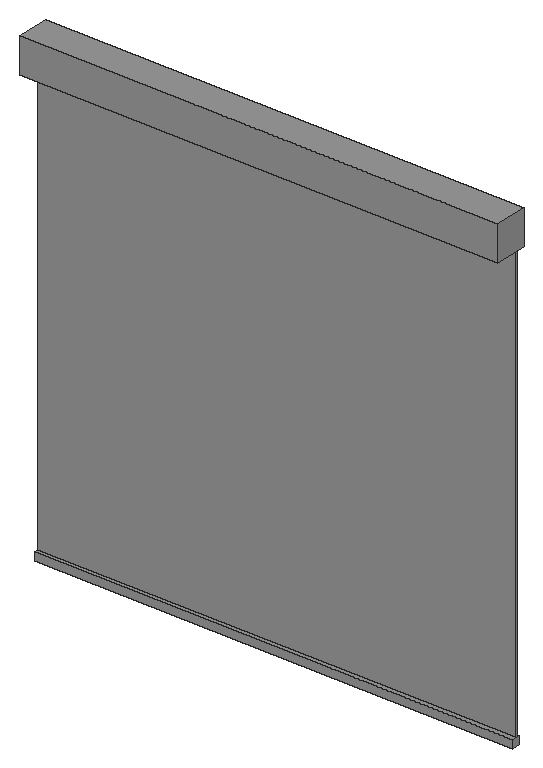
Revit family "dimozachitnay_stora_firetechnics_e120_bez_orachenia_vodoi", category Двери, Revit 2018
Family settings
  На основе рабочей плоскости = Нет
  Всегда вертикально = Да
  При загрузке вырезать с полостями = Нет
  Общий = Нет
  Точка расчета площади = Нет
Parameters (values of type "Дымозащитная штора E120 (без орошения)")
  Штора открыто [instance] = yes
  Ширина, макс. = "5м"  # constant formula
  Ширина короба [instance] = ADSK_Размер_Ширина  # 3000 mm
  Width = 0 mm  # constant formula
  Толщина = 0 mm  # constant formula
  Скорость опускания шторы = "0.15м/c"  # constant formula
  Расстояние от уровня пола до низа полотна шторы [instance] = 2000 mm  # constant formula
  Расстояние от уровня чистого пола до потолка [instance] = 5000 mm
  Разработано = "Support@bimlib.ru"  # constant formula
  Rough Width = 0 mm  # constant formula
  Rough Height = 0 mm  # constant formula
  Материал_Короба = Сталь_оцинкованная_листовая Firetechnics
  Материал_ Шторы = Firetex™ 600
  Изготовитель = "Firetechnics"  # constant formula
  Глубина короба [instance] = if(Расстояние от уровня чистого пола до потолка < 4000 mm, 150 mm, 200 mm)  # 200 mm
  Высота, макс. = "6.5м"  # constant formula
  Высота короба [instance] = if(Расстояние от уровня чистого пола до потолка > 4000 mm, 220 mm, 150 mm)  # 220 mm
  Высота грузила = 50 mm  # constant formula
  Height = 0 mm  # constant formula
  Аналитическая конструкция = "<Нет>"
  URL = "https://www.fire-tec.ru/"
  ADSK_Размер_Ширина [instance] = 3000 mm
  ADSK_Размер_Высота [instance] = Расстояние от уровня чистого пола до потолка - Расстояние от уровня пола до низа полотна шторы - Высота короба  # 2780 mm
  ADSK_Примечание = ""
  ADSK_Предел огнестойкости = "120 минут"
  ADSK_Обозначение = ""
  ADSK_Наименование = "Противопожарная дымозащитная штора E120"
  ADSK_Масса_Текст = ""
  ADSK_URL страницы изделия = "https://www.fire-tec.ru/catalog/protivopozharnye-shtory/dymozashitnye-shtory-e120/"
Reference planes
  plane 1 "По центру (Вперед/Назад)": y = 0
  plane 2: z = 0
  plane 3 "По центру (Влево/Вправо)": x = 0
  plane 4: y = 200
  plane 5: x = 1000
  plane 6: x = -1000
  plane 7: y = 142.749
  plane 8: y = 141.749
  plane 9: x = 1500
  plane 10: x = -1500
  plane 11: z = 4780
  plane 12: z = 2050
  plane 13: z = 2000
  plane 14: z = 5000
  plane 15: y = 114.467
  plane 16: y = 164.467
Forms (mm)
  Extrusion 1, solid, material "Сталь_оцинкованная_листовая Firetechnics" <- "Материал_Короба"
    sketch origin (0, 0, 2680) x (1, 0, 0) y (0, 1, 0)
      loop
        line (-1500, 200) -> (-1500, 0) -> (1500, 0) -> (1500, 200) -> (-1500, 200)
    from 2100 to 2320
  Extrusion 2, solid, material "Firetex™ 600" <- "Материал_ Шторы", visible <- "Штора открыто"
    sketch origin (0, 0, 2680) x (1, 0, 0) y (0, 1, 0)
      loop
        line (-1500, 142.749) -> (-1500, 141.749) -> (1500, 141.749) -> (1500, 142.749) -> (-1500, 142.749)
    from 2100 to -630
  Extrusion 3, solid, material "Сталь_оцинкованная_листовая Firetechnics" <- "Материал_Короба", visible <- "Штора открыто"
    sketch origin (0, 0, 2680) x (1, 0, 0) y (0, 0, 1)
      loop
        line (-1500, -630) -> (-1500, -680) -> (1500, -680) -> (1500, -630) -> (-1500, -630)
    from -164.467 to -114.467
Lines and regions (mm)
  symbolic lines
    curve 1: line (1500, 200, 0) -> (1500, 0, 0)
  symbolic lines, style "Doors"
    curve 2: line (-1500, 200, 0) -> (-1500, 0, 0)
    curve 3: line (1500, 132.115, 0) -> (-1500, 132.115, 0)
Dimensions and locks
  "Глубина короба": plane 1 "По центру (Вперед/Назад)" to plane 4
  plane 7 to plane 8 = 1 mm
  locked: plane 4 to plane 7 at 57.251
  equal spacing: plane 10, plane 3 "По центру (Влево/Вправо)", plane 9
  equal spacing: plane 9, plane 3 "По центру (Влево/Вправо)", plane 10
  "Высота грузила": plane 12 to plane 13
  "Высота короба": plane 14 to plane 11
  "Расстояние от уровня пола до низа полотна шторы": plane 13 to plane 2
  "ADSK_Размер_Высота": plane 11 to plane 13
  plane 14 to level = 5000 mm
  locked: plane 15 to plane 16 at 50
  locked: plane 16 to plane 4 at 35.533
  "Ширина короба": plane 10 to plane 9
  aligned and locked: level to plane 2
  aligned and locked: plane 10 to Extrusion 1 sketch curve
  aligned and locked: Extrusion 1 sketch curve to plane 9
  aligned and locked: Extrusion 1 to plane 11
  aligned and locked: plane 10 to Extrusion 2 sketch curve
  aligned and locked: Extrusion 2 sketch curve to plane 9
  aligned and locked: Extrusion 1 to Extrusion 2
  aligned and locked: Extrusion 2 to plane 12
  aligned and locked: Extrusion 3 sketch curve to Extrusion 2  (x2)
  aligned and locked: plane 13 to Extrusion 3 sketch curve
  aligned and locked: Extrusion 3 sketch curve to plane 9
  aligned and locked: Extrusion 1 to plane 14
  aligned and locked: plane 16 to Extrusion 3
  aligned and locked: Extrusion 3 to plane 15
Automatic sketch dimensions
  plane 1 "По центру (Вперед/Назад)" to Extrusion 1 sketch curve = 0 mm
  Extrusion 1 sketch curve to plane 4 = 0 mm
  Extrusion 2 sketch curve to plane 8 = 0 mm
  Extrusion 2 sketch curve to plane 7 = 0 mm
  plane 1 "По центру (Вперед/Назад)" to curve 1 = 0 mm
  curve 1 to plane 4 = 0 mm
  curve 2 to plane 4 = 0 mm
  plane 1 "По центру (Вперед/Назад)" to curve 2 = 0 mm
  curve 3 to plane 10 = 0 mm
  curve 3 to plane 9 = 0 mm
  curve 3 to plane 8 = 9.634 mm
